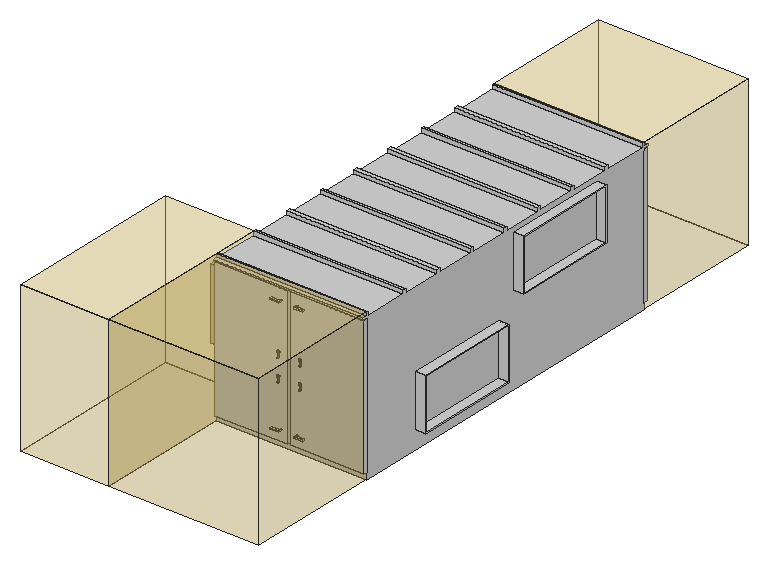
Revit family "Ventilator-RenewAire-Energy-Recovery-LE8XINH", category Mechanical Equipment, Revit 2015
Parameters (values of type "3.0 HP 208-230V Single Phase")
  Voltage = "208-230"
  Ventilation Type = "Static Plate, Heat and Humidity Transfer"
  Unit Width = "165\""
  Unit Weight - Modular = "1,214-1,672 lbs."
  Unit Weight - Assembled = "2,480-3,279 lbs."
  Unit Length = "80-1/2\""
  Unit Height = "71-1/4\""
  Unit = Metal - RenewAire - Anodized - Gray Text
  URL = "www.renewaire.com"
  Typical Airflow Range = "2,000 - 8,800 CFM"
  Standard Features = "TEFC Premium efficiency motors, Motor starters, Non-fused disconnect, 24 VAC transformer/relay package"
  Shipping Weight - Assembled = "3,638 lbs."
  Service Area Visibility = yes
  Service Area Box = Interference - RenewAire - Smooth - Light - Gold
  Revit Object Download Link = ""
  Phase = "Single"
  Options = "Integrated programmable controls, Fused disconnect, Double wall construction, Factory supplied and mounted variable frequency drives (VFDs) - one or both airstreams, Class 1 low-leakage motorized isolation dampers - OA, RA or both airstreams, Qty. 2 Factory mounted filter alarms, Exterior Paint - white, custom colors, Spring Vibration Isolators"
  Number Motors = "Qty. 2, Belt drive blower/ standard motor packages with choice of adjustable sheaves for low, medium or high blower speed"
  Model = "LE8XINH"
  Minimum Circuit Amps = "33.1 A"
  Maximum Overcurrent Protection = "40 A"
  Max. Shipping Height - Modular = "78\""
  Max. Shipping Width - Assembled = "90\""
  Max. Shipping Weight - Module 2 = "1,789 lbs."
  Max. Shipping Weight - Module 1 = "1,852 lbs."
  Max. Shipping Width - Modular = "90\""
  Max. Shipping Length - Assembled = "200\""
  Max. Shipping Length - Modular = "100\""
  Max. Shipping Height - Assembled = "78\""
  Manufacturer = "RenewAire LLC"
  Frequency = "60 HZ"
  FLA per Motor = "14.7 - 14"
  Description = "Energy Recovery Ventilator"
  Connector Base Material = Glass - With - Transparency
  Accessories = "Filters - MERV 13, 2\" or 4\"; MERV 8, 4\"  (shipped loose), Digital time clock - wall mount(TC7D-W), in exterior enclosure (TC7D-E), Motion occupancy control - ceiling mount(MC-C), wall mount(MC-W), Carbon Dioxide control - duct mount(CO2-D), wall mount (CO2-W), Electric duct heater – EK series (1-60 kW), EH series (61-175 kW), Indirect gas-fired duct furnace - GH series (50-400 MBH), installed downstream of any fans"
  AHRI 1060 Certified Core = "Eight L125-G5"
Types (11): name | Voltage | Phase | Minimum Circuit Amps | Maximum Overcurrent Protection | Max. Shipping Length - Assembled | Max. Shipping Length - Modular | FLA per Motor
  (no name) | "208-230" | "Single" | "33.1 A" | "40 A" | "200\"" | "100\"" | "14.7 - 14"
  3.0 HP 208-230V Single Phase | "208-230" | "Single" | "33.1 A" | "40 A" | "200\"" | "100\"" | "14.7 - 14"
  3.0 HP 208-230V Three Phase | "208-230" | "Three" | "21.1 A" | "25 A" | "200\"" | "100\"" | "9.38-8.48"
  3.0 HP 460V Three Phase | "460" | "Three" | "9.5 A" | "15 A" | "200\"" | "100\"" | "4.24"
  3.0 HP 575V Three Phase | "575" | "Three" | "7.4 A" | "15 A" | "200\"" | "100\"" | "3.3"
  5.0 HP 208-230V Three Phase | "208-230" | "Three" | "32.6 A" | "45 A" | "200\"" | "100\"" | "14.5-13.4"
  5.0 HP 460V Three Phase | "460" | "Three" | "15.1 A" | "20 A" | "200\"" | "100\"" | "6.7"
  5.0 HP 575V Three Phase | "575" | "Three" | "11.9 A" | "15 A" | "200\"" | "100\"" | "5.3"
  7.5 HP 208-230V Three Phase | "208-230" | "Three" | "47.3 A" | "60 A" | "160\"" | "200\"" | "21.0-19.0"
  7.5 HP 460V Three Phase | "460" | "Three" | "21.4 A" | "25 A" | "200\"" | "100\"" | "9.5"
  7.5 HP 575V Three Phase | "575" | "Three" | "17.1 A" | "20 A" | "200\"" | "100\"" | "7.6"
Reference planes (in)
  plane 1 "Center (Front/Back)": y = 0
  plane 2: z = 0
  plane 3 "Center (Left/Right)": x = 0
Forms (in)
  Extrusion 1, solid, material "Metal - RenewAire - Anodized - Gray Text"
    sketch origin (-0.48313, -25.9375, 75.0345) x (1, 0, 0) y (0, 0, -1)
      loop
        circle (-3.25, 67.0345) r 0.25
    from -56.3125 to -55.5625
  Extrusion 2, solid, material "Metal - RenewAire - Anodized - Gray Text"
    sketch origin (-0.48313, -25.9375, 75.0345) x (0, 1, 0) y (0, 0, -1)
      loop
        line (-56.3125, 67.2845) -> (-57.1875, 67.2845) -> (-57.1875, 66.7845) -> (-56.3125, 66.7845) -> (-56.3125, 67.2845)
    from 2.95437 to 7.02735
  Extrusion 3, solid, material "Metal - RenewAire - Anodized - Gray Text"
    sketch origin (-0.4375, -25.9375, 128.569) x (1, 0, 0) y (0, 0, -1)
      loop
        circle (-3.25, 67.0345) r 0.25
    from -56.3125 to -55.5625
  Extrusion 4, solid, material "Metal - RenewAire - Anodized - Gray Text"
    sketch origin (-0.48313, -25.9375, 128.569) x (0, 1, 0) y (0, 0, -1)
      loop
        line (-56.3125, 67.2845) -> (-57.1875, 67.2845) -> (-57.1875, 66.7845) -> (-56.3125, 66.7845) -> (-56.3125, 67.2845)
    from 2.95437 to 7.02735
  Extrusion 5, solid, material "Interference - RenewAire - Smooth - Light - Gold", visible <- "Service Area Visibility"
    sketch origin (19.25, -20, 0) x (1, 0, 0) y (0, 1, 0)
      loop
        line (-53.8125, -38.125) -> (-94.8125, -38.125) -> (-94.8125, -122.25) -> (-53.8125, -122.25) -> (-53.8125, -38.125)
    from 0 to 69.25
  Extrusion 6, solid, material "Interference - RenewAire - Smooth - Light - Gold", visible <- "Service Area Visibility"
    sketch origin (0, -65.75, 0) x (1, 0, 0) y (0, 1, 0)
      loop
        line (34.5625, -14.25) -> (-34.5625, -14.25) -> (-34.5625, -76.5) -> (34.5625, -76.5) -> (34.5625, -14.25)
    from 0 to 69.25
  Extrusion 7, solid, material "Metal - RenewAire - Anodized - Gray Text"
    sketch origin (0, 0, 0) x (0, 1, 0) y (0, 0, 1)
      loop
        line (79.25, 67.5) -> (58.95, 67.5) -> (58.95, 69.25) -> (57.45, 69.25) -> (57.45, 67.5) -> (39.55, 67.5) -> (39.55, 69.25) -> (38.05, 69.25) -> (38.05, 67.5) -> (20.15, 67.5) -> (20.15, 69.25) -> (18.65, 69.25) -> (18.65, 67.5) -> (0.75, 67.5) -> (0.75, 69.25) -> (-0.75, 69.25) -> (-0.75, 67.5) -> (-18.65, 67.5) -> (-18.65, 69.25) -> (-20.15, 69.25) -> (-20.15, 67.5) -> (-38.05, 67.5) -> (-38.05, 69.25) -> (-39.55, 69.25) -> (-39.55, 67.5) -> (-57.45, 67.5) -> (-57.45, 69.25) -> (-58.95, 69.25) -> (-58.95, 67.5) -> (-79.25, 67.5) -> (-79.25, 69.25) -> (-80, 69.25) -> (-80, 67.75) -> (-82, 67.75) -> (-82, 67) -> (-80, 67) -> (-80, 0) -> (80, 0) -> (80, 67) -> (82, 67) -> (82, 67.75) -> (80, 67.75) -> (80, 69.25) -> (79.25, 69.25) -> (79.25, 67.5)
    from -34.5625 to 34.5625
  Extrusion 8, solid, material "Interference - RenewAire - Smooth - Light - Gold", visible <- "Service Area Visibility"
    sketch origin (0, -12.65268, 0) x (1, 0, 0) y (0, 1, 0)
      loop
        line (34.5625, 152.90268) -> (-34.5625, 152.90268) -> (-34.5625, 92.65268) -> (34.5625, 92.65268) -> (34.5625, 152.90268)
    from 0 to 69.25
  Extrusion 9, solid, material "Metal - RenewAire - Anodized - Gray Text"
    sketch origin (0, 0, 0) x (1, 0, 0) y (0, 0, 1)
      loop
        line (-34.5625, 66.5) -> (-34.5625, 3) -> (-0.5625, 3) -> (-0.5625, 66.5) -> (-34.5625, 66.5)
    from 80 to 81.5
  Extrusion 10, solid, material "Metal - RenewAire - Anodized - Gray Text"
    sketch origin (-6.80202, 0, 0) x (1, 0, 0) y (0, 0, 1)
      loop
        line (7.36452, 66.5) -> (7.36452, 3) -> (41.36452, 3) -> (41.36452, 66.5) -> (7.36452, 66.5)
    from 80 to 81.5
  Extrusion 11, solid, material "Metal - RenewAire - Anodized - Gray Text"
    sketch origin (0, 0, 0) x (1, 0, 0) y (0, 0, 1)
      loop
        line (-34.5625, 66.5) -> (-34.5625, 3) -> (-0.5625, 3) -> (-0.5625, 66.5) -> (-34.5625, 66.5)
    from -81.5 to -80
  Extrusion 12, solid, material "Metal - RenewAire - Anodized - Gray Text"
    sketch origin (-6.80202, 0, 0) x (1, 0, 0) y (0, 0, 1)
      loop
        line (7.36452, 66.5) -> (7.36452, 3) -> (41.36452, 3) -> (41.36452, 66.5) -> (7.36452, 66.5)
    from -81.5 to -80
  Extrusion 13, solid, material "Metal - RenewAire - Anodized - Gray Text"
    sketch origin (0, -20, 0) x (0, 1, 0) y (0, 0, 1)
      loop
        line (-38.125, 62) -> (-57.5, 62) -> (-57.5, 29.625) -> (-38.125, 29.625) -> (-38.125, 62)
    from -39.5625 to -34.5625
  Extrusion 14, solid, material "Metal - RenewAire - Anodized - Gray Text"
    sketch origin (0, -20, 0) x (0, 1, 0) y (0, 0, 1)
      loop
        line (-49, 43.625) -> (-51.5, 43.625) -> (-51.5, 41.125) -> (-49, 41.125) -> (-49, 43.625)
    from -39.8125 to -39.5625
  Extrusion 15, solid, material "Metal - RenewAire - Anodized - Gray Text"
    sketch origin (0, -20, 0) x (0, 1, 0) y (0, 0, 1)
      loop
        circle (-50.24745, 42.375) r 1
    from -40.8125 to -39.8125
  Extrusion 16, solid, material "Metal - RenewAire - Anodized - Gray Text"
    sketch origin (0.48313, -25.9375, 75.0345) x (-1, 0, 0) y (0, 0, 1)
      loop
        circle (-3.25, -67.0345) r 0.25
    from -56.3125 to -55.5625
  Extrusion 17, solid, material "Metal - RenewAire - Anodized - Gray Text"
    sketch origin (0.48313, -25.9375, 75.0345) x (0, 1, 0) y (0, 0, 1)
      loop
        line (-56.3125, -67.2845) -> (-56.3125, -66.7845) -> (-57.1875, -66.7845) -> (-57.1875, -67.2845) -> (-56.3125, -67.2845)
    from 2.95437 to 7.02735
  Extrusion 18, solid, material "Metal - RenewAire - Anodized - Gray Text"
    sketch origin (0.4375, -25.9375, 128.569) x (-1, 0, 0) y (0, 0, 1)
      loop
        circle (-3.25, -67.0345) r 0.25
    from -56.3125 to -55.5625
  Extrusion 19, solid, material "Metal - RenewAire - Anodized - Gray Text"
    sketch origin (0.48313, -25.9375, 128.569) x (0, 1, 0) y (0, 0, 1)
      loop
        line (-56.3125, -67.2845) -> (-56.3125, -66.7845) -> (-57.1875, -66.7845) -> (-57.1875, -67.2845) -> (-56.3125, -67.2845)
    from 2.95437 to 7.02735
  Extrusion 20, solid, material "Metal - RenewAire - Anodized - Gray Text"
    sketch origin (-0.48313, 25.9375, 75.0345) x (1, 0, 0) y (0, 0, 1)
      loop
        circle (-3.25, -67.0345) r 0.25
    from -56.3125 to -55.5625
  Extrusion 21, solid, material "Metal - RenewAire - Anodized - Gray Text"
    sketch origin (-0.48313, 25.9375, 75.0345) x (0, -1, 0) y (0, 0, 1)
      loop
        line (-56.3125, -67.2845) -> (-56.3125, -66.7845) -> (-57.1875, -66.7845) -> (-57.1875, -67.2845) -> (-56.3125, -67.2845)
    from 2.95437 to 7.02735
  Extrusion 22, solid, material "Metal - RenewAire - Anodized - Gray Text"
    sketch origin (-0.4375, 25.9375, 128.569) x (1, 0, 0) y (0, 0, 1)
      loop
        circle (-3.25, -67.0345) r 0.25
    from -56.3125 to -55.5625
  Extrusion 23, solid, material "Metal - RenewAire - Anodized - Gray Text"
    sketch origin (-0.48313, 25.9375, 128.569) x (0, -1, 0) y (0, 0, 1)
      loop
        line (-56.3125, -67.2845) -> (-56.3125, -66.7845) -> (-57.1875, -66.7845) -> (-57.1875, -67.2845) -> (-56.3125, -67.2845)
    from 2.95437 to 7.02735
  Extrusion 24, solid, material "Metal - RenewAire - Anodized - Gray Text"
    sketch origin (0.48313, 25.9375, 75.0345) x (-1, 0, 0) y (0, 0, -1)
      loop
        circle (-3.25, 67.0345) r 0.25
    from -56.3125 to -55.5625
  Extrusion 25, solid, material "Metal - RenewAire - Anodized - Gray Text"
    sketch origin (0.48313, 25.9375, 75.0345) x (0, -1, 0) y (0, 0, -1)
      loop
        line (-56.3125, 67.2845) -> (-57.1875, 67.2845) -> (-57.1875, 66.7845) -> (-56.3125, 66.7845) -> (-56.3125, 67.2845)
    from 2.95437 to 7.02735
  Extrusion 26, solid, material "Metal - RenewAire - Anodized - Gray Text"
    sketch origin (0.4375, 25.9375, 128.569) x (-1, 0, 0) y (0, 0, -1)
      loop
        circle (-3.25, 67.0345) r 0.25
    from -56.3125 to -55.5625
  Extrusion 27, solid, material "Metal - RenewAire - Anodized - Gray Text"
    sketch origin (0.48313, 25.9375, 128.569) x (0, -1, 0) y (0, 0, -1)
      loop
        line (-56.3125, 67.2845) -> (-57.1875, 67.2845) -> (-57.1875, 66.7845) -> (-56.3125, 66.7845) -> (-56.3125, 67.2845)
    from 2.95437 to 7.02735
  Extrusion 28, solid, material "Metal - RenewAire - Anodized - Gray Text"
    sketch origin (0, 0, 0) x (0, 1, 0) y (0, 0, 1)
      loop
        line (54.75, 65.125) -> (6.75, 65.125) -> (6.75, 41.125) -> (54.75, 41.125) -> (54.75, 65.125)
      loop
        line (54.5, 64.875) -> (7, 64.875) -> (7, 41.375) -> (54.5, 41.375) -> (54.5, 64.875)
    from -36.5625 to -34.5625
  Extrusion 29, solid, material "Metal - RenewAire - Anodized - Gray Text"
    sketch origin (0, 0, 0) x (0, 1, 0) y (0, 0, 1)
      loop
        line (-5.75, 32.825) -> (-53.75, 32.825) -> (-53.75, 8.825) -> (-5.75, 8.825) -> (-5.75, 32.825)
      loop
        line (-6, 32.575) -> (-53.5, 32.575) -> (-53.5, 9.075) -> (-6, 9.075) -> (-6, 32.575)
    from -36.5625 to -34.5625
  Extrusion 30, solid, material "Metal - RenewAire - Anodized - Gray Text"
    sketch origin (0, 0, 0) x (0, 1, 0) y (0, 0, 1)
      loop
        line (4.25, 65.5) -> (4.25, 41.5) -> (52.25, 41.5) -> (52.25, 65.5) -> (4.25, 65.5)
      loop
        line (4.5, 65.25) -> (4.5, 41.75) -> (52, 41.75) -> (52, 65.25) -> (4.5, 65.25)
    from 34.5625 to 39.5625
  Extrusion 31, solid, material "Metal - RenewAire - Anodized - Gray Text"
    sketch origin (0, 0, 0) x (0, 1, 0) y (0, 0, 1)
      loop
        line (-52.25, 32.75) -> (-52.25, 8.75) -> (-4.25, 8.75) -> (-4.25, 32.75) -> (-52.25, 32.75)
      loop
        line (-52, 32.5) -> (-52, 9) -> (-4.5, 9) -> (-4.5, 32.5) -> (-52, 32.5)
    from 34.5625 to 39.5625
Dimensions and locks (in)
  aligned and locked: level to plane 2
Nested families (in)
  nested 1: "Monitoring Port" at (-5.0625, -81.5, 27.071), type "Monitoring Port"
  nested 2: "Monitoring Port" at (-5.0625, -81.5, 37.1055), type "Monitoring Port"
  nested 3: "Monitoring Port" at (5.0625, -81.5, 27.071) x (-1, 0, 0) z (0, 0, 1), type "Monitoring Port"
  nested 4: "Monitoring Port" at (5.0625, -81.5, 37.1055) x (-1, 0, 0) z (0, 0, 1), type "Monitoring Port"
  nested 5: "Monitoring Port" at (-5.0625, 81.5, 27.071), type "Monitoring Port"
  nested 6: "Monitoring Port" at (-5.0625, 81.5, 37.1055), type "Monitoring Port"
  nested 7: "Monitoring Port" at (5.0625, 81.5, 27.071) x (-1, 0, 0) z (0, 0, 1), type "Monitoring Port"
  nested 8: "Monitoring Port" at (5.0625, 81.5, 37.1055) x (-1, 0, 0) z (0, 0, 1), type "Monitoring Port"
Connectors (in)
  hvac at (39.5625, 28.25, 53.5)
    settings: on Extrusion 30, index 1, duct flow 0 CFM, flow factor 0, pres drop 0.00 in-wg, loss coef 0, conn angle 0.00°, conn width 48", conn height 24", conn diameter 24", duct sys type 1, conn prof type 1, flow config 0, flow direction 1, loss method 0, conn ref index -1, conn util no, is conn primary yes, conn desc "OA (Outside Air)"
  hvac at (39.5625, -28.25, 20.75)
    settings: on Extrusion 31, index 2, duct flow 0 CFM, flow factor 0, pres drop 0.00 in-wg, loss coef 0, conn angle 0.00°, conn width 48", conn height 24", conn diameter 24", duct sys type 2, conn prof type 1, flow config 0, flow direction 1, loss method 0, conn ref index -1, conn util no, is conn primary no, conn desc "RA (Return Air)"
  hvac at (-36.5625, -29.75, 20.825)
    settings: on Extrusion 29, index 3, duct flow 0 CFM, flow factor 0, pres drop 0.00 in-wg, loss coef 0, conn angle 0.00°, conn width 48", conn height 24", conn diameter 24", duct sys type 1, conn prof type 1, flow config 0, flow direction 2, loss method 0, conn ref index -1, conn util no, is conn primary no, conn desc "FA (Fresh Air)"
  hvac at (-36.5625, 30.75, 53.125)
    settings: on Extrusion 28, index 4, duct flow 0 CFM, flow factor 0, pres drop 0.00 in-wg, loss coef 0, conn angle 0.00°, conn width 48", conn height 24", conn diameter 24", duct sys type 3, conn prof type 1, flow config 0, flow direction 2, loss method 0, conn ref index -1, conn util no, is conn primary no, conn desc "EA (Exhaust Air)"
Definition of nested family "Monitoring Port"
  Parameters (values of type "Monitoring Port")
    URL = "www.renewaire.com"
    Revit Object Download Link = ""
    Model = ""
    Manufacturer = "RenewAire LLC"
    Description = "Monitoring Ports"
  Reference planes (in)
    plane 1 "Center (Front/Back)": y = 0
    plane 2: z = 0
    plane 3 "Center (Left/Right)": x = 0
  Forms (in)
    Extrusion 1, solid
      sketch origin (-9.43348, 0, 37.76669) x (-1, 0, 0) y (0, 0, -1)
        loop
          line (-9.53348, 35.65895) -> (-9.94097, 35.42369) -> (-9.94097, 34.83769) -> (-9.43348, 34.54469) -> (-8.92599, 34.83769) -> (-8.92599, 35.42369) -> (-9.33348, 35.65895) -> (-9.33348, 37.28756)
          arc (-9.33348, 37.28756) -> (-9.43348, 37.76669) -> (-9.53348, 37.28756) r 0.25
          line (-9.53348, 37.28756) -> (-9.53348, 35.65895)
      from 0 to 0.25
  Dimensions and locks (in)
    aligned and locked: level to plane 2
